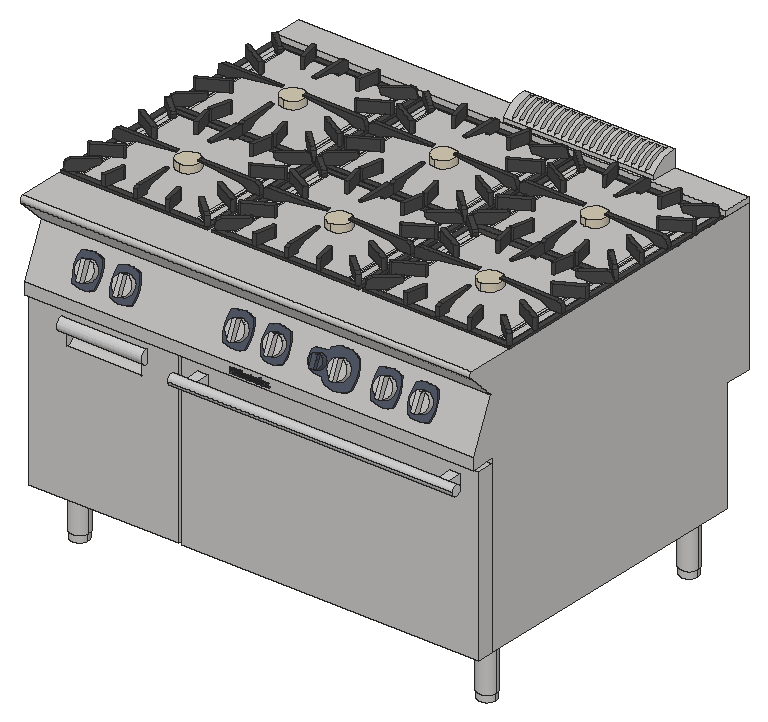
Revit family "QF_ELECTROLUXPROFESSIONAL_391465_E9AAOABFMIE", category Attrezzature speciali, Revit 2018 (continued)
Definition of nested family "371009_BURNER"
  Automatic sketch dimensions
    curve 110 to curve 111 = 4.872 mm
    plane 1 "BACK" to curve 108 = 53.711 mm
    curve 111 to curve 108 = 4.872 mm
    curve 111 to curve 108 = 2.25 mm
    radius of Extrusion 4 sketch curve = 30 mm
Types (2, lengths in mm): name | URL | Modello | Produttore | Gas Size | Descrizione
  (no name) | "http://professional.electrolux.com/" | "E9GCGL6C1M" | "Electrolux" | 0" | "6-BURNER(10KW)GAS RANGE+OVEN+CUPB.1200MM"
  Standard | "https://www.electroluxprofessional.com/" | "E9AAOABFMIE" | "Electrolux Professional" | 1/2" | "6-BURNER (10KW) GAS RANGE+OVEN+CUPB. 1200MM - 3MM WORKTOP"
